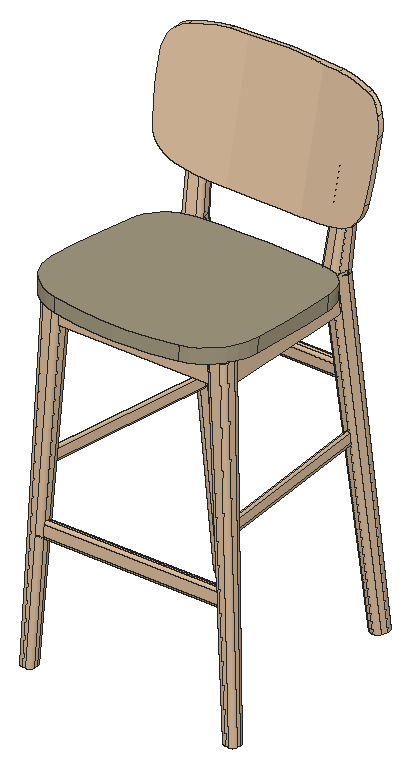
Revit family "FU_Stool_Sandler_Celina 3-11", category Furniture, Revit 2020
Family settings
  OmniClass Number = 23.40.20.00
  OmniClass Title = General Furniture and Specialties
  Work Plane-Based = No
  Always vertical = Yes
  Cut with Voids When Loaded = No
  Shared = No
  Room Calculation Point = No
Parameters (values of type "Celina 3.11")
  Width = 475 mm
  Upholstery = Fabric - Mainline Flax - Kensington MLF07
  URL = "https://www.sandlerseating.com/product/celina-3-11/"
  Model = "Celina 3.11"
  Manufacturer = "Sandler"
  Height = 1090 mm
  Frame = Wood - Beech - Natural - V
  Description = "Barstool with a fully upholstered seat and wooden back. The frame is in solid beech."
  Depth = 550 mm
  Default Elevation = 0 mm
Reference planes
  plane 1 "Center (Front/Back)": y = 0
  plane 2: z = 0
  plane 3 "Center (Left/Right)": x = 0
  plane 4 "Right": x = -237.5
  plane 5 "Left": x = 237.5
  plane 6 "Back": y = 275
  plane 7 "Front": y = -275
  plane 8 "Height": z = 1090
  plane 9 "Seat height": z = 770
  plane 10 "Seat Frame Base": through (4267.2, 159.453, 701.275) normal (0, -0.0523, -0.9986)
  plane 11: through (4267.2, 256.992, 4.174) normal (0, -0.9912, -0.1325)
  plane 12: through (4267.2, 195.782, 966.959) normal (0, 0.9866, -0.1633)
  plane 13 "BRL C FRONT": x = -169.085
  plane 14 "BL H": z = 741.259
  plane 15 "Cross Stretch RIGHT": z = 402.471
Forms (mm)
  Sweep 1, solid, material "Wood - Beech - Natural - V" <- "Frame"
    path origin (0, 0, 0) x (0, 1, 0) y (0, 0, 1)
      loop
        line (154.569, 770) -> (234.758, 1108.042)
    profile "Pro_celina_Back : Pro_celina_Back" origin (0, 194.663, 939.021) x (0, -0.972998, 0.230812) y (1, 0, 0)
      loop
        arc (50.165, -250) -> (10, 0) -> (50.165, 250) r 798.119
        line (50.165, 250) -> (40.165, 250)
        arc (40.165, 250) -> (0, 0) -> (40.165, -250) r 798.125
        line (40.165, -250) -> (50.165, -250)
  Extrusion 2, void
    sketch origin (0, 0, 0) x (1, 0, 0) y (0, 0, 1)
      loop
        line (0, 1090) -> (-120, 1090)
        arc (-120, 1090) -> (-157.187, 1088.102) -> (-193.987, 1082.427) r 365.188
        arc (-193.987, 1082.427) -> (-214.772, 1073.022) -> (-229.541, 1055.635) r 52.064
        arc (-229.541, 1055.635) -> (-235.86, 1038.434) -> (-237.5, 1020.182) r 70.03
        arc (-237.5, 1020.182) -> (-236.007, 959.471) -> (-231.011, 898.947) r 1050.98
        arc (-231.011, 898.947) -> (-222.49, 872.227) -> (-204.346, 850.843) r 71.485
        arc (-204.346, 850.843) -> (-187.552, 840.272) -> (-168.882, 833.545) r 92.057
        arc (-168.882, 833.545) -> (-132.35, 824.773) -> (-95.021, 820.522) r 307.517
        arc (-95.021, 820.522) -> (-47.524, 818.407) -> (0, 817.032) r 3053.671
        arc (0, 817.032) -> (47.524, 818.407) -> (95.021, 820.522) r 3053.671
        arc (95.021, 820.522) -> (132.35, 824.773) -> (168.882, 833.545) r 307.517
        arc (168.882, 833.545) -> (187.552, 840.272) -> (204.346, 850.843) r 92.057
        arc (204.346, 850.843) -> (222.49, 872.227) -> (231.011, 898.947) r 71.485
        arc (231.011, 898.947) -> (236.007, 959.471) -> (237.5, 1020.182) r 1050.98
        arc (237.5, 1020.182) -> (235.86, 1038.434) -> (229.541, 1055.635) r 70.03
        arc (229.541, 1055.635) -> (214.772, 1073.022) -> (193.987, 1082.427) r 52.064
        arc (193.987, 1082.427) -> (157.187, 1088.102) -> (120, 1090) r 365.188
        line (120, 1090) -> (0, 1090)
      loop
        line (-260, 1133.116) -> (-260, 753.116) -> (260, 753.116) -> (260, 1133.116) -> (-260, 1133.116)
    from -246.089 to -69.951
  Extrusion 3, solid, material "Wood - Beech - Natural - V" <- "Frame"
    sketch origin (0, 37.088, 707.688) x (0, 0.99863, -0.052336) y (1, 0, 0)
      loop
        line (-206.882, 168.434) -> (113.974, 140.363) -> (116.413, 168.234) -> (-204.444, 196.305) -> (-206.882, 168.434)
    from -7 to 40
  Extrusion 4, solid, material "Wood - Beech - Natural - V" <- "Frame"
    sketch origin (0, 37.088, 707.688) x (0, 0.99863, -0.052336) y (1, 0, 0)
      loop
        line (-206.882, -168.434) -> (-204.444, -196.305) -> (116.413, -168.234) -> (113.974, -140.363) -> (-206.882, -168.434)
    from -7 to 40
  Extrusion 5, solid, material "Wood - Beech - Natural - V" <- "Frame"
    sketch origin (0, 0, 0) x (1, 0, 0) y (0, 0, 1)
      loop
        spline (0, 722.98) -> (-13.573, 723.047) -> (-27.153, 723.18) -> (-40.733, 723.381) -> (-54.308, 723.648) -> (-67.871, 723.981) -> (-81.416, 724.382) -> (-94.937, 724.848) -> (-108.428, 725.381) -> (-121.883, 725.979) -> (-135.296, 726.643) -> (-148.659, 727.372) -> (-161.969, 728.166)
        line (-161.969, 728.166) -> (-164.929, 677.955) -> (164.929, 677.955) -> (161.969, 728.156)
        spline (161.969, 728.156) -> (148.66, 727.367) -> (135.296, 726.643) -> (121.883, 725.982) -> (108.429, 725.387) -> (94.937, 724.856) -> (81.416, 724.391) -> (67.871, 723.991) -> (54.308, 723.657) -> (40.733, 723.389) -> (27.152, 723.187) -> (13.573, 723.05) -> (0, 722.98)
    from 173.5 to 201.5
  Blend 6, solid, material "Wood - Beech - Natural - V" <- "Frame"
    base sketch origin (0, 0, 0) x (1, 0, 0) y (0, 1, 0)
      loop
        arc (-224.698, -192.341) -> (-232.122, -195.416) -> (-235.198, -202.841) r 10.5
        line (-235.198, -202.841) -> (-235.198, -210.841)
        arc (-235.198, -210.841) -> (-232.122, -218.265) -> (-224.698, -221.341) r 10.5
        line (-224.698, -221.341) -> (-216.698, -221.341)
        arc (-216.698, -221.341) -> (-209.273, -218.265) -> (-206.198, -210.841) r 10.5
        line (-206.198, -210.841) -> (-206.198, -202.841)
        arc (-206.198, -202.841) -> (-209.273, -195.416) -> (-216.698, -192.341) r 10.5
        line (-216.698, -192.341) -> (-224.698, -192.341)
    top sketch origin (0, 0, 0) x (1, 0, 0) y (0, 1, 0)
      loop
        arc (-190.863, -165.163) -> (-197.934, -168.092) -> (-200.863, -175.163) r 10
        line (-200.863, -175.163) -> (-200.863, -195.903)
        arc (-200.863, -195.903) -> (-197.934, -202.974) -> (-190.863, -205.903) r 10
        line (-190.863, -205.903) -> (-170.215, -205.903)
        arc (-170.215, -205.903) -> (-163.144, -202.974) -> (-160.215, -195.903) r 10
        line (-160.215, -195.903) -> (-160.215, -175.163)
        arc (-160.215, -175.163) -> (-163.144, -168.092) -> (-170.215, -165.163) r 10
        line (-170.215, -165.163) -> (-190.863, -165.163)
    from 0 to 728.156
  Blend 7, solid, material "Wood - Beech - Natural - V" <- "Frame"
    base sketch origin (0, 0, 0) x (-1, 0, 0) y (0, -1, 0)
      loop
        line (-224.698, 192.341) -> (-216.698, 192.341)
        arc (-216.698, 192.341) -> (-209.273, 195.416) -> (-206.198, 202.841) r 10.5
        line (-206.198, 202.841) -> (-206.198, 210.841)
        arc (-206.198, 210.841) -> (-209.273, 218.265) -> (-216.698, 221.341) r 10.5
        line (-216.698, 221.341) -> (-224.698, 221.341)
        arc (-224.698, 221.341) -> (-232.122, 218.265) -> (-235.198, 210.841) r 10.5
        line (-235.198, 210.841) -> (-235.198, 202.841)
        arc (-235.198, 202.841) -> (-232.122, 195.416) -> (-224.698, 192.341) r 10.5
    top sketch origin (0, 0, 0) x (-1, 0, 0) y (0, -1, 0)
      loop
        line (-190.863, 165.163) -> (-170.215, 165.163)
        arc (-170.215, 165.163) -> (-163.144, 168.092) -> (-160.215, 175.163) r 10
        line (-160.215, 175.163) -> (-160.215, 195.903)
        arc (-160.215, 195.903) -> (-163.144, 202.974) -> (-170.215, 205.903) r 10
        line (-170.215, 205.903) -> (-190.863, 205.903)
        arc (-190.863, 205.903) -> (-197.934, 202.974) -> (-200.863, 195.903) r 10
        line (-200.863, 195.903) -> (-200.863, 175.163)
        arc (-200.863, 175.163) -> (-197.934, 168.092) -> (-190.863, 165.163) r 10
    from 0 to 728.156
  SweptBlend 8, solid, material "Wood - Beech - Natural - V" <- "Frame"
    path origin (-169.085, 0, 0) x (0, 0, -1) y (0, -1, 0)
      loop
        line (3.053, -257.958) -> (-743.383, -158.146)
    profile origin (-169.085, 257.958, -3.053) x (0, 0.991178, 0.13254) y (-1, 0, 0)
      loop
        arc (-9.924, 12.667) -> (-16.974, 7.397) -> (-18.232, -1.314) r 11.5
        line (-18.232, -1.314) -> (-16.697, -7.348)
        arc (-16.697, -7.348) -> (-11.427, -14.398) -> (-2.715, -15.656) r 11.5
        line (-2.715, -15.656) -> (8.773, -12.732)
        arc (8.773, -12.732) -> (15.822, -7.462) -> (17.081, 1.249) r 11.5
        line (17.081, 1.249) -> (15.545, 7.283)
        arc (15.545, 7.283) -> (10.275, 14.332) -> (1.564, 15.591) r 11.5
        line (1.564, 15.591) -> (-9.924, 12.667)
    end profile origin (-169.085, 158.146, 743.383) x (0, 0.991178, 0.13254) y (-1, 0, 0)
      loop
        line (4.626, 6.197) -> (-15.096, 0.888)
        arc (-15.096, 0.888) -> (-21.466, -4.012) -> (-22.505, -11.981) r 10.5
        line (-22.505, -11.981) -> (-17.36, -31.092)
        arc (-17.36, -31.092) -> (-12.46, -37.462) -> (-4.491, -38.501) r 10.5
        line (-4.491, -38.501) -> (15.23, -33.192)
        arc (15.23, -33.192) -> (21.6, -28.292) -> (22.639, -20.323) r 10.5
        line (22.639, -20.323) -> (17.494, -1.212)
        arc (17.494, -1.212) -> (12.594, 5.158) -> (4.626, 6.197) r 10.5
  SweptBlend 9, solid, material "Wood - Beech - Natural - V" <- "Frame"
    path origin (-169.085, 0, 0) x (0, 0, -1) y (0, -1, 0)
      loop
        line (-736.013, -157.561) -> (-975.754, -197.237)
    profile origin (-169.085, 157.561, 736.013) x (0, 0.986581, -0.163275) y (-1, 0, 0)
      loop
        line (5.456, 6.197) -> (-14.265, 0.888)
        arc (-14.265, 0.888) -> (-20.635, -4.012) -> (-21.675, -11.981) r 10.5
        line (-21.675, -11.981) -> (-16.53, -31.092)
        arc (-16.53, -31.092) -> (-11.63, -37.462) -> (-3.661, -38.501) r 10.5
        line (-3.661, -38.501) -> (16.06, -33.192)
        arc (16.06, -33.192) -> (22.43, -28.292) -> (23.47, -20.323) r 10.5
        line (23.47, -20.323) -> (18.325, -1.212)
        arc (18.325, -1.212) -> (13.425, 5.158) -> (5.456, 6.197) r 10.5
    end profile origin (-169.085, 197.237, 975.754) x (0, 0.986581, -0.163275) y (-1, 0, 0)
      loop
        arc (10.443, 5.767) -> (6.259, 11.239) -> (-0.569, 12.149) r 9
        line (-0.569, 12.149) -> (-11.406, 9.265)
        arc (-11.406, 9.265) -> (-16.88, 5.078) -> (-17.791, -1.753) r 9.005
        line (-17.791, -1.753) -> (-13.32, -18.551)
        arc (-13.32, -18.551) -> (-9.135, -24.023) -> (-2.307, -24.933) r 9
        line (-2.307, -24.933) -> (8.534, -22.047)
        arc (8.534, -22.047) -> (14.005, -17.863) -> (14.916, -11.035) r 9
        line (14.916, -11.035) -> (10.443, 5.767)
  SweptBlend 10, solid, material "Wood - Beech - Natural - V" <- "Frame"
    path origin (169.085, 0, 0) x (0, 0, -1) y (0, 1, 0)
      loop
        line (3.053, 257.958) -> (-743.383, 158.146)
    profile origin (169.085, 257.958, -3.053) x (0, -0.991178, -0.13254) y (1, 0, 0)
      loop
        line (9.924, 12.667) -> (-1.564, 15.591)
        arc (-1.564, 15.591) -> (-10.275, 14.332) -> (-15.545, 7.283) r 11.5
        line (-15.545, 7.283) -> (-17.081, 1.249)
        arc (-17.081, 1.249) -> (-15.822, -7.462) -> (-8.773, -12.732) r 11.5
        line (-8.773, -12.732) -> (2.715, -15.656)
        arc (2.715, -15.656) -> (11.427, -14.398) -> (16.697, -7.348) r 11.5
        line (16.697, -7.348) -> (18.232, -1.314)
        arc (18.232, -1.314) -> (16.974, 7.397) -> (9.924, 12.667) r 11.5
    end profile origin (169.085, 158.146, 743.383) x (0, -0.991178, -0.13254) y (1, 0, 0)
      loop
        arc (-4.626, 6.197) -> (-12.594, 5.158) -> (-17.494, -1.212) r 10.5
        line (-17.494, -1.212) -> (-22.639, -20.323)
        arc (-22.639, -20.323) -> (-21.6, -28.292) -> (-15.23, -33.192) r 10.5
        line (-15.23, -33.192) -> (4.491, -38.501)
        arc (4.491, -38.501) -> (12.46, -37.462) -> (17.36, -31.092) r 10.5
        line (17.36, -31.092) -> (22.505, -11.981)
        arc (22.505, -11.981) -> (21.466, -4.012) -> (15.096, 0.888) r 10.5
        line (15.096, 0.888) -> (-4.626, 6.197)
  SweptBlend 11, solid, material "Wood - Beech - Natural - V" <- "Frame"
    path origin (169.085, 0, 0) x (0, 0, -1) y (0, 1, 0)
      loop
        line (-736.013, 157.561) -> (-975.754, 197.237)
    profile origin (169.085, 157.561, 736.013) x (0, -0.986581, 0.163275) y (1, 0, 0)
      loop
        arc (-5.456, 6.197) -> (-13.425, 5.158) -> (-18.325, -1.212) r 10.5
        line (-18.325, -1.212) -> (-23.47, -20.323)
        arc (-23.47, -20.323) -> (-22.43, -28.292) -> (-16.06, -33.192) r 10.5
        line (-16.06, -33.192) -> (3.661, -38.501)
        arc (3.661, -38.501) -> (11.63, -37.462) -> (16.53, -31.092) r 10.5
        line (16.53, -31.092) -> (21.675, -11.981)
        arc (21.675, -11.981) -> (20.635, -4.012) -> (14.265, 0.888) r 10.5
        line (14.265, 0.888) -> (-5.456, 6.197)
    end profile origin (169.085, 197.237, 975.754) x (0, -0.986581, 0.163275) y (1, 0, 0)
      loop
        line (-10.443, 5.767) -> (-14.916, -11.035)
        arc (-14.916, -11.035) -> (-14.005, -17.863) -> (-8.534, -22.047) r 9
        line (-8.534, -22.047) -> (2.307, -24.933)
        arc (2.307, -24.933) -> (9.135, -24.023) -> (13.32, -18.551) r 9
        line (13.32, -18.551) -> (17.791, -1.753)
        arc (17.791, -1.753) -> (16.88, 5.078) -> (11.406, 9.265) r 9.005
        line (11.406, 9.265) -> (0.569, 12.149)
        arc (0.569, 12.149) -> (-6.259, 11.239) -> (-10.443, 5.767) r 9
  Extrusion 12, void
    sketch origin (0, 0, 0) x (1, 0, 0) y (0, 1, 0)
      loop
        line (-200.713, 290.36) -> (-200.713, 230.36) -> (-140.713, 230.36) -> (-140.713, 290.36) -> (-200.713, 290.36)
    from 0 to -10
  Extrusion 13, void
    sketch origin (0, 0, 0) x (-1, 0, 0) y (0, -1, 0)
      loop
        line (-200.713, -290.36) -> (-140.713, -290.36) -> (-140.713, -230.36) -> (-200.713, -230.36) -> (-200.713, -290.36)
    from 0 to -10
  Extrusion 14, solid, material "Wood - Beech - Natural - V" <- "Frame"
    sketch origin (0, 0, 0) x (0, 1, 0) y (0, 0, 1)
      loop
        arc (-209.827, 259.938) -> (-208.115, 255.614) -> (-203.828, 253.811) r 6
        line (-203.828, 253.811) -> (-197.594, 253.811)
        arc (-197.594, 253.811) -> (-193.396, 255.524) -> (-191.595, 259.685) r 6
        line (-191.595, 259.685) -> (-191.084, 283.964)
        arc (-191.084, 283.964) -> (-192.795, 288.288) -> (-197.082, 290.09) r 6
        line (-197.082, 290.09) -> (-203.3, 290.09)
        arc (-203.3, 290.09) -> (-207.51, 288.372) -> (-209.316, 284.2) r 6.017
        line (-209.316, 284.2) -> (-209.827, 259.938)
    from -204 to 204
  Extrusion 15, solid, material "Wood - Beech - Natural - V" <- "Frame"
    sketch origin (0, 384.812, 261.678) x (0, 1, 0) y (0, 0, 1)
      loop
        arc (-209.597, 258.954) -> (-207.212, 254.962) -> (-202.691, 253.872) r 6
        line (-202.691, 253.872) -> (-196.538, 254.875)
        arc (-196.538, 254.875) -> (-192.67, 257.241) -> (-191.562, 261.637) r 6
        line (-191.562, 261.637) -> (-194.961, 285.681)
        arc (-194.961, 285.681) -> (-197.346, 289.674) -> (-201.867, 290.763) r 6
        line (-201.867, 290.763) -> (-208.004, 289.763)
        arc (-208.004, 289.763) -> (-211.882, 287.391) -> (-212.994, 282.982) r 6.017
        line (-212.994, 282.982) -> (-209.597, 258.954)
    from -170 to 170
  Blend 16, solid, material "Wood - Beech - Natural - V" <- "Frame"
    base sketch origin (0, 0, 0) x (1, 0, 0) y (0, 0, 1)
      loop
        arc (-204.013, 392.248) -> (-202.593, 388.608) -> (-199.015, 387.042) r 5.1
        arc (-199.015, 387.042) -> (-195.511, 388.532) -> (-194.016, 392.033) r 5.1
        line (-194.016, 392.033) -> (-193.599, 411.833)
        arc (-193.599, 411.833) -> (-195.016, 415.47) -> (-198.591, 417.039) r 5.1
        arc (-198.591, 417.039) -> (-202.1, 415.543) -> (-203.597, 412.034) r 5.114
        line (-203.597, 412.034) -> (-204.013, 392.248)
    top sketch origin (0, 0, 0) x (1, 0, 0) y (0, 0, 1)
      loop
        arc (-162.73, 392.248) -> (-161.31, 388.608) -> (-157.731, 387.042) r 5.1
        arc (-157.731, 387.042) -> (-154.227, 388.532) -> (-152.732, 392.033) r 5.1
        line (-152.732, 392.033) -> (-152.315, 411.833)
        arc (-152.315, 411.833) -> (-153.733, 415.47) -> (-157.307, 417.039) r 5.1
        arc (-157.307, 417.039) -> (-160.816, 415.543) -> (-162.313, 412.034) r 5.114
        line (-162.313, 412.034) -> (-162.73, 392.248)
    from 185 to -195
  Blend 17, solid, material "Wood - Beech - Natural - V" <- "Frame"
    base sketch origin (0, 0, 0) x (-1, 0, 0) y (0, 0, -1)
      loop
        line (-204.013, -392.248) -> (-203.597, -412.034)
        arc (-203.597, -412.034) -> (-202.1, -415.543) -> (-198.591, -417.039) r 5.114
        arc (-198.591, -417.039) -> (-195.016, -415.47) -> (-193.599, -411.833) r 5.1
        line (-193.599, -411.833) -> (-194.016, -392.033)
        arc (-194.016, -392.033) -> (-195.511, -388.532) -> (-199.015, -387.042) r 5.1
        arc (-199.015, -387.042) -> (-202.593, -388.608) -> (-204.013, -392.248) r 5.1
    top sketch origin (0, 0, 0) x (-1, 0, 0) y (0, 0, -1)
      loop
        line (-162.73, -392.248) -> (-162.313, -412.034)
        arc (-162.313, -412.034) -> (-160.816, -415.543) -> (-157.307, -417.039) r 5.114
        arc (-157.307, -417.039) -> (-153.733, -415.47) -> (-152.315, -411.833) r 5.1
        line (-152.315, -411.833) -> (-152.732, -392.033)
        arc (-152.732, -392.033) -> (-154.227, -388.532) -> (-157.731, -387.042) r 5.1
        arc (-157.731, -387.042) -> (-161.31, -388.608) -> (-162.73, -392.248) r 5.1
    from 185 to -195
  Extrusion 18, void
    sketch origin (0, -1.247, 716.188) x (-1, 0, 0) y (0, -0.99863, 0.052336)
      loop
        arc (214.558, -57.177) -> (221.795, 42.482) -> (224.696, 142.362) r 2299.665
        arc (224.696, 142.362) -> (199.156, 211.771) -> (134.193, 247.125) r 105
        arc (134.193, 247.125) -> (0, 256.431) -> (-134.193, 247.125) r 972.123
        arc (-134.193, 247.125) -> (-199.156, 211.771) -> (-224.696, 142.362) r 105
        arc (-224.696, 142.362) -> (-221.795, 42.482) -> (-214.558, -57.177) r 2299.665
        arc (-214.558, -57.177) -> (-192.741, -114.92) -> (-140.647, -148.032) r 97.621
        arc (-140.647, -148.032) -> (0, -160.406) -> (140.647, -148.032) r 805.516
        arc (140.647, -148.032) -> (192.741, -114.92) -> (214.558, -57.177) r 97.621
      loop
        line (248.521, -200.925) -> (248.521, 289.075) -> (-251.479, 289.075) -> (-251.479, -200.925) -> (248.521, -200.925)
    from 47.032 to -5.681
  Sweep 19, solid, material "Fabric - Mainline Flax - Kensington MLF07" <- "Upholstery"
    path origin (0, -1.247, 716.188) x (-1, 0, 0) y (0, -0.99863, 0.052336)
      loop
        line (0, 274.741) -> (0, -195.259)
    profile "Pro_celina_Seat_UPH : Pro_celina_Seat_UPH" origin (0, -40.934, 718.268) x (-1, 0, 0) y (0, 0.052336, 0.99863)
      loop
        arc (-226.228, 11.375) -> (0, 0) -> (226.228, 11.375) r 2255.339
        line (226.228, 11.375) -> (226.228, 41.375)
        arc (226.228, 41.375) -> (0, 30) -> (-226.228, 41.375) r 2255.339
        line (-226.228, 41.375) -> (-226.228, 11.375)
Cuts and joins
  Extrusion 12, Extrusion 13 cuts SweptBlend 8
  Extrusion 13 cuts SweptBlend 10
  Extrusion 18 cuts Sweep 19
  Extrusion 2 cuts Sweep 1
Dimensions and locks
  equal spacing: plane 4 "Right", plane 3 "Center (Left/Right)", plane 5 "Left"
  "Width": plane 4 "Right" to plane 5 "Left"
  equal spacing: plane 6 "Back", plane 1 "Center (Front/Back)", plane 7 "Front"
  "Depth": plane 6 "Back" to plane 7 "Front"
  "Height": plane 8 "Height" to level
  plane 9 "Seat height" to level = 770 mm
  aligned and locked: level to plane 2
Automatic sketch dimensions
  Sweep 1 sketch curve to plane 9 "Seat height" = 0 mm
  Sweep 1 sketch curve to plane 6 "Back" = 120.431 mm
  plane 8 "Height" to Sweep 1 sketch curve = 18.042 mm
  Sweep 1 sketch curve to plane 6 "Back" = 40.242 mm
  plane 4 "Right" to Extrusion 2 sketch curve = 0 mm
  Extrusion 2 sketch curve to plane 8 "Height" = 0 mm
  Extrusion 2 sketch curve to plane 3 "Center (Left/Right)" = 0 mm  (x2)
  plane 5 "Left" to Extrusion 2 sketch curve = 0 mm
  plane 4 "Right" to Extrusion 2 sketch curve = 22.5 mm
  Extrusion 2 sketch curve to plane 8 "Height" = 74.355 mm  (x2)
  Extrusion 2 sketch curve to Extrusion 2 sketch curve = 553.47 mm  (x2)
  plane 13 "BRL C FRONT" to Extrusion 2 sketch curve = 14.354 mm
  Extrusion 2 sketch curve to plane 13 "BRL C FRONT" = 1.555 mm
  Extrusion 2 sketch curve to plane 13 "BRL C FRONT" = 9.117 mm
  Extrusion 2 sketch curve to Extrusion 2 sketch curve = 12.771 mm  (x2)
  Extrusion 2 sketch curve to plane 14 "BL H" = 16.447 mm  (x2)
  Extrusion 2 sketch curve to plane 13 "BRL C FRONT" = 49.085 mm
  Extrusion 2 sketch curve to Extrusion 2 sketch curve = 41.05 mm
  Extrusion 2 sketch curve to plane 3 "Center (Left/Right)" = 64.564 mm
  plane 3 "Center (Left/Right)" to Extrusion 2 sketch curve = 64.564 mm
  plane 8 "Height" to Extrusion 2 sketch curve = 37.618 mm  (x2)
  plane 3 "Center (Left/Right)" to Extrusion 2 sketch curve = 78.95 mm
  plane 5 "Left" to Extrusion 2 sketch curve = 117.5 mm
  plane 5 "Left" to Extrusion 2 sketch curve = 90.303 mm
  plane 5 "Left" to Extrusion 2 sketch curve = 69.97 mm
  Extrusion 2 sketch curve to Extrusion 2 sketch curve = 15.909 mm
  Extrusion 2 sketch curve to plane 5 "Left" = 22.5 mm
  plane 14 "BL H" to Extrusion 2 sketch curve = 11.857 mm
  plane 9 "Seat height" to Extrusion 2 sketch curve = 136.884 mm  (x2)
  Extrusion 2 sketch curve to Extrusion 2 sketch curve = 16.127 mm  (x2)
  Extrusion 2 sketch curve to plane 8 "Height" = 66.906 mm  (x2)
  Extrusion 2 sketch curve to Extrusion 2 sketch curve = 8.349 mm  (x2)
  plane 8 "Height" to Extrusion 2 sketch curve = 43.116 mm
  Extrusion 2 sketch curve to Extrusion 2 sketch curve = 2742.401 mm
  Extrusion 2 sketch curve to Extrusion 2 sketch curve = 0 mm  (x9)
  Extrusion 2 sketch curve to Extrusion 2 sketch curve = 71.043 mm
  Extrusion 2 sketch curve to plane 13 "BRL C FRONT" = 0.203 mm
  plane 9 "Seat height" to Extrusion 2 sketch curve = 63.545 mm
  plane 5 "Left" to Extrusion 3 sketch curve = 69.066 mm
  plane 5 "Left" to Extrusion 3 sketch curve = 41.195 mm
  Extrusion 3 sketch curve to Extrusion 3 sketch curve = 2.438 mm
  plane 5 "Left" to Extrusion 3 sketch curve = 97.137 mm
  plane 13 "BRL C FRONT" to Extrusion 4 sketch curve = 0.651 mm
  Extrusion 4 sketch curve to plane 13 "BRL C FRONT" = 27.22 mm
  Extrusion 4 sketch curve to Extrusion 4 sketch curve = 2.438 mm
  plane 13 "BRL C FRONT" to Extrusion 4 sketch curve = 28.722 mm
  Extrusion 5 sketch curve to plane 13 "BRL C FRONT" = 4.156 mm
  Extrusion 5 sketch curve to plane 13 "BRL C FRONT" = 7.116 mm
  Extrusion 5 sketch curve to plane 14 "BL H" = 13.103 mm
  plane 5 "Left" to Extrusion 5 sketch curve = 75.531 mm
  Extrusion 5 sketch curve to Extrusion 5 sketch curve = 2.96 mm
  Extrusion 5 sketch curve to Extrusion 5 sketch curve = 50.201 mm
  Extrusion 5 sketch curve to Extrusion 5 sketch curve = 50.211 mm
  Extrusion 5 sketch curve to plane 3 "Center (Left/Right)" = 28.551 mm
  Extrusion 5 sketch curve to plane 3 "Center (Left/Right)" = 0 mm
  plane 3 "Center (Left/Right)" to Extrusion 5 sketch curve = 28.575 mm
  plane 9 "Seat height" to Extrusion 5 sketch curve = 91.627 mm
  Extrusion 5 sketch curve to plane 5 "Left" = 370.996 mm
  Extrusion 5 sketch curve to Extrusion 5 sketch curve = 57.126 mm
  Blend 6 sketch curve to plane 4 "Right" = 2.302 mm
  Blend 6 sketch curve to plane 4 "Right" = 12.802 mm
  Blend 6 sketch curve to Blend 6 sketch curve = 0 mm
  Blend 6 sketch curve to Blend 6 sketch curve = 8 mm  (x3)
  Blend 6 sketch curve to Blend 6 sketch curve = 10.5 mm
  plane 7 "Front" to Blend 6 sketch curve = 53.659 mm
  plane 13 "BRL C FRONT" to Blend 6 sketch curve = 31.778 mm
  Blend 6 sketch curve to Blend 6 sketch curve = 10 mm  (x2)
  plane 13 "BRL C FRONT" to Blend 6 sketch curve = 1.13 mm  (x2)
  Blend 6 sketch curve to plane 13 "BRL C FRONT" = 8.87 mm
  plane 7 "Front" to Blend 6 sketch curve = 69.097 mm
  Blend 6 sketch curve to Blend 6 sketch curve = 20.739 mm
  Blend 7 sketch curve to plane 5 "Left" = 2.302 mm
  Blend 7 sketch curve to plane 5 "Left" = 12.802 mm
  Blend 7 sketch curve to Blend 7 sketch curve = 0 mm
  Blend 7 sketch curve to Blend 7 sketch curve = 8 mm  (x3)
  Blend 7 sketch curve to Blend 7 sketch curve = 10.5 mm
  Blend 7 sketch curve to plane 7 "Front" = 53.659 mm
  Blend 7 sketch curve to plane 5 "Left" = 36.637 mm
  Blend 7 sketch curve to Blend 7 sketch curve = 10 mm  (x3)
  Blend 7 sketch curve to Blend 7 sketch curve = 20.648 mm  (x2)
  Blend 7 sketch curve to plane 7 "Front" = 69.097 mm
  Blend 7 sketch curve to Blend 7 sketch curve = 20.739 mm
  plane 11 to SweptBlend 8 sketch curve = 0 mm  (x2)
  plane 14 "BL H" to SweptBlend 8 sketch curve = 2.124 mm
  SweptBlend 8 sketch curve to level = 3.053 mm
  SweptBlend 8 sketch curve to plane 13 "BRL C FRONT" = 1.314 mm
  profile plane to SweptBlend 8 sketch curve = 18.232 mm
  SweptBlend 8 sketch curve to plane 13 "BRL C FRONT" = 7.348 mm
  SweptBlend 8 sketch curve to SweptBlend 8 sketch curve = 1.536 mm  (x2)
  profile plane to SweptBlend 8 sketch curve = 9.924 mm
  plane 13 "BRL C FRONT" to SweptBlend 8 sketch curve = 1.522 mm
  profile plane to SweptBlend 8 sketch curve = 7.088 mm
  profile plane to SweptBlend 8 sketch curve = 5.552 mm
  profile plane to SweptBlend 8 sketch curve = 2.715 mm
  SweptBlend 8 sketch curve to profile plane = 1.564 mm
  SweptBlend 8 sketch curve to profile plane = 4.4 mm
  SweptBlend 8 sketch curve to plane 13 "BRL C FRONT" = 1.587 mm
  SweptBlend 8 sketch curve to profile plane = 5.936 mm
  SweptBlend 8 sketch curve to profile plane = 8.773 mm
  plane 13 "BRL C FRONT" to SweptBlend 8 sketch curve = 7.283 mm
  SweptBlend 8 sketch curve to SweptBlend 8 sketch curve = 11.145 mm
  plane 13 "BRL C FRONT" to SweptBlend 8 sketch curve = 1.249 mm
  SweptBlend 8 sketch curve to SweptBlend 8 sketch curve = 2.924 mm
  plane 13 "BRL C FRONT" to SweptBlend 8 sketch curve = 4.446 mm
  profile plane to SweptBlend 8 sketch curve = 22.505 mm
  profile plane to SweptBlend 8 sketch curve = 17.36 mm
  plane 13 "BRL C FRONT" to SweptBlend 8 sketch curve = 0.888 mm
  SweptBlend 8 sketch curve to SweptBlend 8 sketch curve = 7.409 mm
  SweptBlend 8 sketch curve to plane 13 "BRL C FRONT" = 9.251 mm
  SweptBlend 8 sketch curve to SweptBlend 8 sketch curve = 2.73 mm  (x4)
  profile plane to SweptBlend 8 sketch curve = 7.221 mm
  profile plane to SweptBlend 8 sketch curve = 4.491 mm
  SweptBlend 8 sketch curve to profile plane = 4.626 mm
  SweptBlend 8 sketch curve to profile plane = 7.355 mm
  SweptBlend 8 sketch curve to profile plane = 12.5 mm
  SweptBlend 8 sketch curve to plane 13 "BRL C FRONT" = 1.212 mm
  SweptBlend 8 sketch curve to SweptBlend 8 sketch curve = 10.139 mm  (x2)
  SweptBlend 8 sketch curve to SweptBlend 8 sketch curve = 19.111 mm  (x2)
  SweptBlend 8 sketch curve to plane 13 "BRL C FRONT" = 3.942 mm
  plane 12 to SweptBlend 9 sketch curve = 0 mm  (x2)
  SweptBlend 9 sketch curve to plane 6 "Back" = 77.763 mm
  SweptBlend 9 sketch curve to plane 14 "BL H" = 5.246 mm
  profile plane to SweptBlend 9 sketch curve = 21.675 mm
  profile plane to SweptBlend 9 sketch curve = 16.53 mm
  plane 13 "BRL C FRONT" to SweptBlend 9 sketch curve = 0.888 mm
  profile plane to SweptBlend 9 sketch curve = 14.265 mm
  SweptBlend 9 sketch curve to plane 13 "BRL C FRONT" = 9.251 mm
  SweptBlend 9 sketch curve to SweptBlend 9 sketch curve = 10.139 mm  (x3)
  profile plane to SweptBlend 9 sketch curve = 6.391 mm
  profile plane to SweptBlend 9 sketch curve = 3.661 mm
  SweptBlend 9 sketch curve to profile plane = 5.456 mm
  SweptBlend 9 sketch curve to plane 13 "BRL C FRONT" = 3.942 mm
  SweptBlend 9 sketch curve to profile plane = 8.186 mm
  SweptBlend 9 sketch curve to profile plane = 13.331 mm
  SweptBlend 9 sketch curve to SweptBlend 9 sketch curve = 2.73 mm  (x3)
  SweptBlend 9 sketch curve to plane 13 "BRL C FRONT" = 1.212 mm
  SweptBlend 9 sketch curve to SweptBlend 9 sketch curve = 19.111 mm  (x2)
  SweptBlend 9 sketch curve to plane 13 "BRL C FRONT" = 1.753 mm
  profile plane to SweptBlend 9 sketch curve = 17.791 mm
  profile plane to SweptBlend 9 sketch curve = 13.32 mm
  profile plane to SweptBlend 9 sketch curve = 11.406 mm
  plane 13 "BRL C FRONT" to SweptBlend 9 sketch curve = 0.563 mm
  SweptBlend 9 sketch curve to SweptBlend 9 sketch curve = 2.316 mm
  profile plane to SweptBlend 9 sketch curve = 4.622 mm
  profile plane to SweptBlend 9 sketch curve = 2.307 mm
  profile plane to SweptBlend 9 sketch curve = 0.569 mm
  SweptBlend 9 sketch curve to profile plane = 1.746 mm
  SweptBlend 9 sketch curve to profile plane = 6.218 mm
  SweptBlend 9 sketch curve to profile plane = 8.534 mm
  plane 13 "BRL C FRONT" to SweptBlend 9 sketch curve = 5.767 mm
  SweptBlend 9 sketch curve to SweptBlend 9 sketch curve = 8.697 mm  (x2)
  SweptBlend 9 sketch curve to plane 13 "BRL C FRONT" = 11.035 mm
  SweptBlend 9 sketch curve to SweptBlend 9 sketch curve = 2.315 mm  (x2)
  SweptBlend 9 sketch curve to SweptBlend 9 sketch curve = 2.886 mm
  plane 13 "BRL C FRONT" to SweptBlend 9 sketch curve = 3.452 mm
  SweptBlend 10 sketch curve to plane 11 = 0 mm
  plane 11 to SweptBlend 10 sketch curve = 0 mm
  plane 14 "BL H" to SweptBlend 10 sketch curve = 2.124 mm
  SweptBlend 10 sketch curve to level = 3.053 mm
  profile plane to SweptBlend 10 sketch curve = 1.249 mm
  profile plane to SweptBlend 10 sketch curve = 17.081 mm
  profile plane to SweptBlend 10 sketch curve = 7.283 mm
  SweptBlend 10 sketch curve to SweptBlend 10 sketch curve = 1.536 mm  (x3)
  profile plane to SweptBlend 10 sketch curve = 8.773 mm
  SweptBlend 10 sketch curve to profile plane = 1.587 mm
  profile plane to SweptBlend 10 sketch curve = 5.936 mm
  profile plane to SweptBlend 10 sketch curve = 4.4 mm
  profile plane to SweptBlend 10 sketch curve = 1.564 mm
  SweptBlend 10 sketch curve to profile plane = 2.715 mm
  SweptBlend 10 sketch curve to profile plane = 5.552 mm
  profile plane to SweptBlend 10 sketch curve = 1.522 mm
  SweptBlend 10 sketch curve to profile plane = 9.924 mm
  SweptBlend 10 sketch curve to profile plane = 7.348 mm
  SweptBlend 10 sketch curve to SweptBlend 10 sketch curve = 11.145 mm
  SweptBlend 10 sketch curve to profile plane = 1.314 mm
  SweptBlend 10 sketch curve to SweptBlend 10 sketch curve = 2.924 mm
  profile plane to SweptBlend 10 sketch curve = 4.446 mm
  profile plane to SweptBlend 10 sketch curve = 22.639 mm
  SweptBlend 10 sketch curve to profile plane = 1.212 mm
  profile plane to SweptBlend 10 sketch curve = 17.494 mm
  SweptBlend 10 sketch curve to SweptBlend 10 sketch curve = 7.409 mm
  SweptBlend 10 sketch curve to SweptBlend 10 sketch curve = 10.139 mm  (x3)
  profile plane to SweptBlend 10 sketch curve = 7.355 mm
  profile plane to SweptBlend 10 sketch curve = 4.626 mm
  SweptBlend 10 sketch curve to profile plane = 4.491 mm
  SweptBlend 10 sketch curve to profile plane = 7.221 mm
  SweptBlend 10 sketch curve to profile plane = 12.366 mm
  profile plane to SweptBlend 10 sketch curve = 0.888 mm
  SweptBlend 10 sketch curve to SweptBlend 10 sketch curve = 2.73 mm  (x3)
  SweptBlend 10 sketch curve to profile plane = 11.981 mm
  SweptBlend 10 sketch curve to SweptBlend 10 sketch curve = 19.111 mm  (x2)
  SweptBlend 10 sketch curve to profile plane = 3.942 mm
  plane 12 to SweptBlend 11 sketch curve = 0 mm
  SweptBlend 11 sketch curve to plane 12 = 0 mm
  SweptBlend 11 sketch curve to plane 6 "Back" = 77.763 mm
  SweptBlend 11 sketch curve to plane 14 "BL H" = 5.246 mm
  profile plane to SweptBlend 11 sketch curve = 23.47 mm
  SweptBlend 11 sketch curve to profile plane = 1.212 mm
  profile plane to SweptBlend 11 sketch curve = 18.325 mm
  SweptBlend 11 sketch curve to SweptBlend 11 sketch curve = 7.409 mm
  SweptBlend 11 sketch curve to SweptBlend 11 sketch curve = 10.139 mm  (x3)
  SweptBlend 11 sketch curve to profile plane = 3.942 mm
  profile plane to SweptBlend 11 sketch curve = 8.186 mm
  profile plane to SweptBlend 11 sketch curve = 5.456 mm
  SweptBlend 11 sketch curve to profile plane = 3.661 mm
  SweptBlend 11 sketch curve to profile plane = 6.391 mm
  SweptBlend 11 sketch curve to profile plane = 11.536 mm
  profile plane to SweptBlend 11 sketch curve = 0.888 mm
  SweptBlend 11 sketch curve to SweptBlend 11 sketch curve = 2.73 mm  (x3)
  SweptBlend 11 sketch curve to profile plane = 11.981 mm
  SweptBlend 11 sketch curve to SweptBlend 11 sketch curve = 19.111 mm  (x2)
  profile plane to SweptBlend 11 sketch curve = 14.916 mm
  profile plane to SweptBlend 11 sketch curve = 10.443 mm
  profile plane to SweptBlend 11 sketch curve = 8.534 mm
  profile plane to SweptBlend 11 sketch curve = 6.218 mm
  profile plane to SweptBlend 11 sketch curve = 1.746 mm
  SweptBlend 11 sketch curve to profile plane = 0.569 mm
  SweptBlend 11 sketch curve to profile plane = 2.307 mm
  SweptBlend 11 sketch curve to profile plane = 4.622 mm
  profile plane to SweptBlend 11 sketch curve = 0.563 mm
  SweptBlend 11 sketch curve to profile plane = 9.089 mm
  SweptBlend 11 sketch curve to SweptBlend 11 sketch curve = 2.316 mm
  SweptBlend 11 sketch curve to SweptBlend 11 sketch curve = 8.697 mm
  SweptBlend 11 sketch curve to profile plane = 1.753 mm
  SweptBlend 11 sketch curve to SweptBlend 11 sketch curve = 8.702 mm
  SweptBlend 11 sketch curve to profile plane = 11.035 mm
  SweptBlend 11 sketch curve to SweptBlend 11 sketch curve = 2.315 mm  (x2)
  SweptBlend 11 sketch curve to SweptBlend 11 sketch curve = 2.886 mm
  profile plane to SweptBlend 11 sketch curve = 3.452 mm
  profile plane to SweptBlend 11 sketch curve = 5.767 mm
  plane 13 "BRL C FRONT" to Extrusion 12 sketch curve = 31.628 mm
  Extrusion 12 sketch curve to plane 13 "BRL C FRONT" = 28.372 mm
  Extrusion 12 sketch curve to plane 6 "Back" = 44.64 mm
  plane 6 "Back" to Extrusion 12 sketch curve = 15.36 mm
  Extrusion 13 sketch curve to plane 5 "Left" = 36.787 mm
  Extrusion 13 sketch curve to Extrusion 13 sketch curve = 60 mm
  plane 6 "Back" to Extrusion 13 sketch curve = 44.64 mm
  Extrusion 13 sketch curve to plane 6 "Back" = 15.36 mm
  plane 7 "Front" to Extrusion 14 sketch curve = 65.173 mm
  Extrusion 14 sketch curve to Extrusion 14 sketch curve = 0.511 mm
  Extrusion 14 sketch curve to Extrusion 14 sketch curve = 5.999 mm  (x3)
  Extrusion 14 sketch curve to Extrusion 14 sketch curve = 6.016 mm
  Extrusion 14 sketch curve to Extrusion 14 sketch curve = 6.235 mm
  Extrusion 14 sketch curve to Extrusion 14 sketch curve = 6.218 mm
  Extrusion 14 sketch curve to plane 15 "Cross Stretch RIGHT" = 148.66 mm
  Extrusion 14 sketch curve to Extrusion 14 sketch curve = 5.874 mm
  Extrusion 14 sketch curve to Extrusion 14 sketch curve = 6 mm
  Extrusion 14 sketch curve to Extrusion 14 sketch curve = 24.278 mm
  Extrusion 14 sketch curve to Extrusion 14 sketch curve = 0.109 mm
  Extrusion 14 sketch curve to Extrusion 14 sketch curve = 0.126 mm
  Extrusion 15 sketch curve to plane 6 "Back" = 103.182 mm
  Extrusion 15 sketch curve to Extrusion 15 sketch curve = 3.397 mm
  Extrusion 15 sketch curve to Extrusion 15 sketch curve = 4.99 mm
  Extrusion 15 sketch curve to Extrusion 15 sketch curve = 5.958 mm
  Extrusion 15 sketch curve to Extrusion 15 sketch curve = 5.941 mm  (x3)
  Extrusion 15 sketch curve to Extrusion 15 sketch curve = 0.965 mm  (x3)
  Extrusion 15 sketch curve to Extrusion 15 sketch curve = 6.137 mm
  Extrusion 15 sketch curve to Extrusion 15 sketch curve = 6.153 mm
  plane 15 "Cross Stretch RIGHT" to Extrusion 15 sketch curve = 113.079 mm
  Extrusion 15 sketch curve to Extrusion 15 sketch curve = 1.003 mm
  Extrusion 15 sketch curve to Extrusion 15 sketch curve = 5.082 mm
  Extrusion 15 sketch curve to Extrusion 15 sketch curve = 5.922 mm
  Extrusion 15 sketch curve to Extrusion 15 sketch curve = 24.028 mm
  Extrusion 15 sketch curve to Extrusion 15 sketch curve = 0.842 mm
  Extrusion 15 sketch curve to Extrusion 15 sketch curve = 1.017 mm
  Extrusion 15 sketch curve to Extrusion 15 sketch curve = 0.84 mm
  Blend 16 sketch curve to plane 15 "Cross Stretch RIGHT" = 10.223 mm
  Blend 16 sketch curve to plane 4 "Right" = 33.487 mm
  plane 15 "Cross Stretch RIGHT" to Blend 16 sketch curve = 9.562 mm
  Blend 16 sketch curve to Blend 16 sketch curve = 0.417 mm
  Blend 16 sketch curve to Blend 16 sketch curve = 4.899 mm  (x6)
  Blend 16 sketch curve to Blend 16 sketch curve = 0.2 mm  (x2)
  Blend 16 sketch curve to Blend 16 sketch curve = 0.214 mm  (x2)
  Blend 16 sketch curve to plane 15 "Cross Stretch RIGHT" = 10.438 mm  (x2)
  plane 15 "Cross Stretch RIGHT" to Blend 16 sketch curve = 9.362 mm  (x2)
  Blend 16 sketch curve to Blend 16 sketch curve = 4.885 mm  (x2)
  Blend 16 sketch curve to Blend 16 sketch curve = 0.107 mm  (x3)
  Blend 16 sketch curve to Blend 16 sketch curve = 0 mm  (x2)
  Blend 16 sketch curve to Blend 16 sketch curve = 0.093 mm  (x3)
  Blend 16 sketch curve to Blend 16 sketch curve = 0.014 mm  (x2)
  Blend 16 sketch curve to plane 13 "BRL C FRONT" = 6.355 mm
  Blend 16 sketch curve to plane 13 "BRL C FRONT" = 6.772 mm
  plane 15 "Cross Stretch RIGHT" to Blend 17 sketch curve = 10.223 mm  (x2)
  Blend 17 sketch curve to plane 5 "Left" = 33.487 mm
  Blend 17 sketch curve to plane 15 "Cross Stretch RIGHT" = 9.562 mm  (x2)
  Blend 17 sketch curve to Blend 17 sketch curve = 0.417 mm  (x2)
  Blend 17 sketch curve to Blend 17 sketch curve = 4.899 mm  (x6)
  Blend 17 sketch curve to Blend 17 sketch curve = 0.2 mm  (x2)
  Blend 17 sketch curve to Blend 17 sketch curve = 0.214 mm  (x2)
  plane 15 "Cross Stretch RIGHT" to Blend 17 sketch curve = 10.438 mm  (x2)
  Blend 17 sketch curve to plane 15 "Cross Stretch RIGHT" = 9.362 mm  (x2)
  Blend 17 sketch curve to Blend 17 sketch curve = 4.885 mm  (x2)
  Blend 17 sketch curve to Blend 17 sketch curve = 0.107 mm  (x2)
  Blend 17 sketch curve to Blend 17 sketch curve = 0 mm  (x2)
  Blend 17 sketch curve to Blend 17 sketch curve = 0.093 mm  (x2)
  Blend 17 sketch curve to Blend 17 sketch curve = 0.014 mm  (x2)
  Blend 17 sketch curve to plane 5 "Left" = 74.77 mm
  Extrusion 18 sketch curve to plane 3 "Center (Left/Right)" = 0 mm  (x2)
  plane 3 "Center (Left/Right)" to Extrusion 18 sketch curve = 117.013 mm
  plane 5 "Left" to Extrusion 18 sketch curve = 117.801 mm
  Extrusion 18 sketch curve to plane 5 "Left" = 13.979 mm
  Extrusion 18 sketch curve to Extrusion 18 sketch curve = 1823.429 mm
  Extrusion 18 sketch curve to plane 13 "BRL C FRONT" = 52.072 mm
  Extrusion 18 sketch curve to plane 13 "BRL C FRONT" = 49.386 mm
  plane 4 "Right" to Extrusion 18 sketch curve = 11.021 mm
  Extrusion 18 sketch curve to Extrusion 18 sketch curve = 1826.387 mm
  Extrusion 18 sketch curve to Extrusion 18 sketch curve = 514.766 mm
  Extrusion 18 sketch curve to Extrusion 18 sketch curve = 147.61 mm  (x2)
  Extrusion 18 sketch curve to Extrusion 18 sketch curve = 196.444 mm  (x2)
  Extrusion 18 sketch curve to Extrusion 18 sketch curve = 360.104 mm  (x2)
  Extrusion 18 sketch curve to Extrusion 18 sketch curve = 145.945 mm
  Extrusion 18 sketch curve to Extrusion 18 sketch curve = 356.035 mm
  plane 5 "Left" to Extrusion 18 sketch curve = 103.307 mm
  Extrusion 18 sketch curve to Extrusion 18 sketch curve = 0 mm  (x3)
  plane 5 "Left" to Extrusion 18 sketch curve = 96.853 mm
  plane 5 "Left" to Extrusion 18 sketch curve = 22.942 mm
  Extrusion 18 sketch curve to plane 13 "BRL C FRONT" = 28.438 mm
  Extrusion 18 sketch curve to plane 4 "Right" = 22.942 mm
  Sweep 19 sketch curve to plane 3 "Center (Left/Right)" = 0 mm
  Sweep 19 sketch curve to Sweep 19 sketch curve = 470 mm
